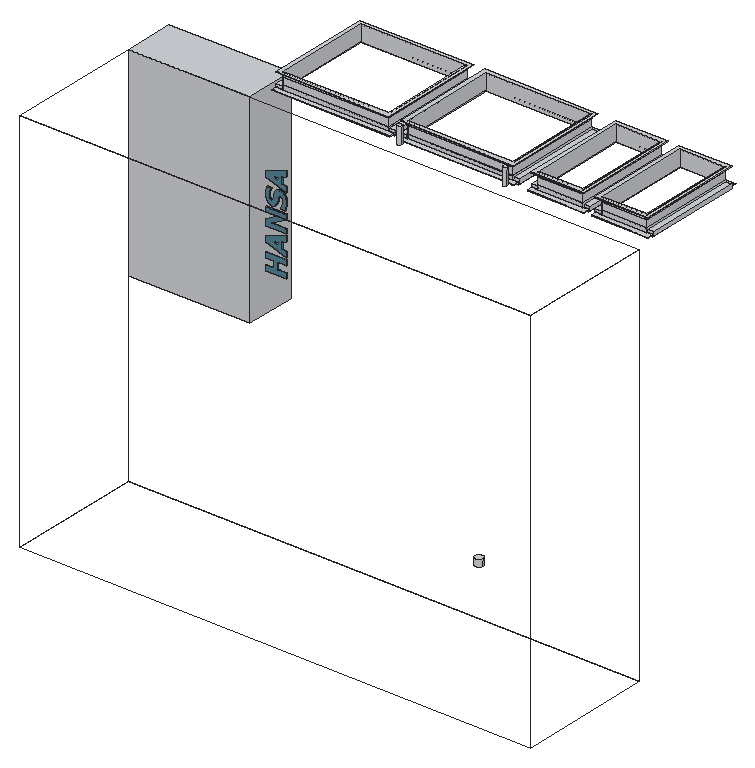
Revit family "KL-P-015-G-R", category HLS-Bauteile, Revit 2020
Family settings
  Bemaßung runder Anschluss = Durchmesser verwenden
  Klassifizierung = Keine
  Teiletyp = Normal
  Arbeitsebenenbasiert = Nein
  Immer vertikal = Ja
  Beim Laden mit Abzugskörper schneiden = Nein
  Gemeinsam genutzt = Nein
  Raumberechnungspunkt = Nein
Parameters
  Zuluftbreite [instance] = 520 mm  # constant formula
  Vorgabe-Ansicht = 0 mm
  TyS [instance] = size_lookup("TyS_Hansa_KL_P", "", "ND", RLT_Serie, Gehaeuserichtung, Gehaeuseausfuehrung, RLT_MSR_KZ)  # "KL-P-015-G-R-eCS"
  Schaltschrankbreite [instance] = 600 mm
  Schaltschrank_montiert [instance] = yes
  SSaG [instance] = and(or(Regelung SAIA, Regelung OJ), Schaltschrank_montiert)  # yes
  Regelung SAIA [instance] = yes
  Regelung OJ [instance] = no
  RLT_Volumenstrom_max = 1500 m³/h  # constant formula
  RLT_Volumenstrom_Unit_2 [instance] = 1500 m³/h
  RLT_Volumenstrom_Unit_1 [instance] = 1500 m³/h
  RLT_Typenschlüssel [instance] = TyS  # "KL-P-015-G-R-eCS"
  RLT_Serie = "KL-P-015"  # constant formula
  RLT_Material_außen [instance] = Stahlblech verzinkt + RAL 9002
  RLT_MSR_KZ [instance] = if(Regelung SAIA, "eCS", if(Regelung OJ, "eCO", "-"))  # "eCS"
  RLT_Länge [instance] = L  # 1920 mm
  RLT_Höhe = H  # 1790 mm
  RLT_Gewicht [instance] = size_lookup("TD_Hansa_KL_P", "Gewicht", 0 mm, TyS) / 1 mm * 1.00 kg  # 579.00 kg
  RLT_Breite = B  # 670 mm
  Modell = "KL-P-015-G-R"  # constant formula
  L2 = 660 mm  # constant formula
  L1 = 1260 mm  # constant formula
  L = L1 + L2  # 1920 mm
  Kanaltiefe [instance] = RLT_Breite - 190 mm  # 480 mm
  Hersteller = "Hansa"  # constant formula
  H = 1790 mm  # constant formula
  GeräteOK [instance] = H + Fuß  # 1910 mm
  Gehaeuserichtung [instance] = "R"  # constant formula
  Gehaeuseausfuehrung [instance] = "geteilt"  # constant formula
  GD_Spannung [instance] = 230 V
  GD_Phasen [instance] = 1
  GD_Nennstrom [instance] = 0 A
  GD_Anschlussleistung [instance] = 0 W
  Fuß [instance] = 120 mm  # constant formula
  Fortluftbreite = 220 mm  # constant formula
  Bedienzone [instance] = yes
  Baugruppe [instance] = "RLT-Gerät"  # constant formula
  BZl [instance] = if(and(or(Regelung SAIA, Regelung OJ), Schaltschrank_montiert), L + Schaltschrankbreite, L)  # 2520 mm
  B = 670 mm  # constant formula
  Außenluftbreite = 220 mm  # constant formula
  Abluftbreite [instance] = 520 mm  # constant formula
Reference planes
  plane 1 "Mitte (Vorne/hinten)": y = 0
  plane 2: z = 0
  plane 3 "Mitte (Links/rechts)": x = 0
  plane 4: x = -960
  plane 5: x = 960
  plane 6 "GV": y = -335
  plane 7 "GH": y = 335
  plane 8 "OKG": z = 1910
  plane 9: y = 272.5
  plane 10: y = -312.5
  plane 11: x = -897.5
  plane 12: x = 897.5
  plane 13: x = -377.5
  plane 14: x = -282.5
  plane 15: x = 237.5
  plane 16: x = 677.5
  plane 17: x = 582.5
  plane 18: x = 362.5
  plane 19: z = 1990
  plane 20 "UKG": z = 120
  plane 21: y = -85
  plane 22: y = -125
  plane 23: z = 90
  plane 24: y = -259
  plane 25: x = 300
  plane 26: y = -1005
  plane 27: x = -1560
Forms (mm)
  Extrusion 1, solid, visible <- "SSaG"
    sketch origin (-61.559, 0, -70) x (1, 0, 0) y (0, 0, 1)
      loop
        line (-1498.441, 1980) -> (-1498.441, 980) -> (-898.441, 980) -> (-898.441, 1980) -> (-1498.441, 1980)
    from 335 to 85
  Extrusion 2, solid
    sketch origin (0, 0, 0) x (1, 0, 0) y (0, 1, 0)
      loop
        circle (0, -125) r 20
    from 120 to 90
  Extrusion 3, solid, material "Glas - klar", visible <- "Bedienzone"
    sketch origin (-600, 0, 0) x (1, 0, 0) y (0, 1, 0)
      loop
        line (-960, -335) -> (-960, -1005) -> (1560, -1005) -> (1560, -335) -> (-960, -335)
    from 1910 to 0
  Extrusion 4, solid
    sketch origin (0, 0, 0) x (1, 0, 0) y (0, 1, 0)
      loop
        circle (-282.5, -259) r 10
    from 1990 to 1910
  Extrusion 5, solid
    sketch origin (0, 0, 0) x (1, 0, 0) y (0, 1, 0)
      loop
        circle (237.5, -259) r 10
    from 1990 to 1910
Dimensions and locks
  equal spacing: plane 4, plane 3 "Mitte (Links/rechts)", plane 5
  "L": plane 4 to plane 5
  "B": plane 7 "GH" to plane 6 "GV"
  locked: plane 7 "GH" to plane 9 at 62.5
  locked: plane 4 to plane 11 at 62.5
  locked: plane 12 to plane 5 at 62.5
  "Abluftbreite": plane 11 to plane 13
  locked: plane 13 to plane 14 at 95
  "Zuluftbreite": plane 14 to plane 15
  "Fortluftbreite": plane 16 to plane 12
  locked: plane 17 to plane 16 at 95
  "Außenluftbreite": plane 18 to plane 17
  plane 15 to plane 18 = 125 mm
  locked: nested 3 to plane 16 at 95
  "Fuß": plane 20 "UKG" to level
  plane 19 to plane 8 "OKG" = 80 mm
  locked: plane 4 to nested 1 at 62.5
  locked: plane 13 to nested 2 at 95
  locked: nested 4 to plane 5 at 62.5
  plane 5 to Extrusion 1 = 1920 mm
  "RLT_Höhe": plane 8 "OKG" to plane 20 "UKG"
  equal spacing: plane 7 "GH", plane 1 "Mitte (Vorne/hinten)", plane 6 "GV"
  locked: plane 6 "GV" to plane 21 at 250
  locked: plane 6 "GV" to plane 22 at 210
  plane 20 "UKG" to plane 23 = 30 mm
  locked: plane 24 to plane 6 "GV" at 76
  "L1": plane 4 to plane 25
  "B": plane 26 to plane 6 "GV"
  "BZl": Extrusion 3 to Extrusion 3
  "Schaltschrankbreite": plane 27 to plane 4
  plane 18 to plane 15 = 125 mm
  aligned and locked: level to plane 2
  aligned and locked: plane 8 "OKG" to Extrusion 1
  aligned and locked: Extrusion 1 to plane 6 "GV"
  aligned and locked: plane 21 to Extrusion 1
  aligned and locked: plane 20 "UKG" to Extrusion 2
  aligned and locked: Extrusion 2 to plane 23
  aligned and locked: Extrusion 3 to plane 6 "GV"
  aligned and locked: Extrusion 3 to plane 26
  aligned and locked: plane 8 "OKG" to Extrusion 3
  aligned and locked: Extrusion 1 to plane 4
  aligned and locked: plane 19 to Extrusion 4
  aligned and locked: Extrusion 4 to plane 8 "OKG"
  aligned and locked: plane 19 to Extrusion 5
  aligned and locked: Extrusion 1 to Extrusion 3
  aligned and locked: plane 7 "GH" to nested 6
  aligned and locked: plane 4 to nested 6
Automatic sketch dimensions
  Extrusion 1 sketch curve to plane 5 = 2520 mm
  Extrusion 1 sketch curve to plane 8 "OKG" = 0 mm
  Extrusion 1 sketch curve to plane 5 = 1920 mm
  plane 20 "UKG" to Extrusion 1 sketch curve = 790 mm
  Extrusion 2 sketch curve to plane 3 "Mitte (Links/rechts)" = 0 mm
  Extrusion 2 sketch curve to plane 22 = 0 mm
  plane 4 to Extrusion 3 sketch curve = 600 mm
  Extrusion 3 sketch curve to plane 5 = 0 mm
  Extrusion 3 sketch curve to plane 26 = 0 mm
  plane 6 "GV" to Extrusion 3 sketch curve = 0 mm
  Extrusion 4 sketch curve to plane 14 = 0 mm
  Extrusion 4 sketch curve to plane 24 = 0 mm
  Extrusion 5 sketch curve to plane 15 = 0 mm
  Extrusion 5 sketch curve to plane 24 = 0 mm
  radius of Extrusion 2 sketch curve = 20 mm
  radius of Extrusion 4 sketch curve = 10 mm
  radius of Extrusion 5 sketch curve = 10 mm
Nested families
  nested 1: "Kanalstutzen" at (-637.5, 29.209, 1910) x (1, 0, 0) z (0, -1, 0), 2570_EST_Breite <- "Abluftbreite", 2571_EST_Höhe <- "Kanaltiefe", built-in parameter 1001360 <- "GeräteOK", type "Kanalstutzen"
    with Tiefe 80 mm, RahmenG2 20 mm, RahmenG1 30 mm, Höhe 480 mm, Breite 520 mm, 2572_EST_Tiefe 80 mm, 2571_EST_Höhe 480 mm, 2570_EST_Breite 520 mm, 1966_EST_Rahmentyp ""
  nested 2: "Kanalstutzen" at (-22.5, 29.209, 1910) x (1, 0, 0) z (0, -1, 0), 2570_EST_Breite <- "Zuluftbreite", 2571_EST_Höhe <- "Kanaltiefe", built-in parameter 1001360 <- "GeräteOK", type "Kanalstutzen"
    with Tiefe 80 mm, RahmenG2 20 mm, RahmenG1 30 mm, Höhe 480 mm, Breite 520 mm, 2572_EST_Tiefe 80 mm, 2571_EST_Höhe 480 mm, 2570_EST_Breite 520 mm, 1966_EST_Rahmentyp ""
  nested 3: "Kanalstutzen" at (472.5, 29.209, 1910) x (1, 0, 0) z (0, -1, 0), 2570_EST_Breite <- "Außenluftbreite", 2571_EST_Höhe <- "Kanaltiefe", built-in parameter 1001360 <- "GeräteOK", type "Kanalstutzen"
    with Tiefe 80 mm, RahmenG2 20 mm, RahmenG1 30 mm, Höhe 480 mm, Breite 220 mm, 2572_EST_Tiefe 80 mm, 2571_EST_Höhe 480 mm, 2570_EST_Breite 220 mm, 1966_EST_Rahmentyp ""
  nested 4: "Kanalstutzen" at (787.5, 29.209, 1910) x (1, 0, 0) z (0, -1, 0), 2570_EST_Breite <- "Fortluftbreite", 2571_EST_Höhe <- "Kanaltiefe", built-in parameter 1001360 <- "GeräteOK", type "Kanalstutzen"
    with Tiefe 80 mm, RahmenG2 20 mm, RahmenG1 30 mm, Höhe 480 mm, Breite 220 mm, 2572_EST_Tiefe 80 mm, 2571_EST_Höhe 480 mm, 2570_EST_Breite 220 mm, 1966_EST_Rahmentyp ""
  nested 5: "Hansa_Aufkleber_klein" at (-780, -335, 1390) x (0, 0, 1) z (0, -1, 0), type "Hansa_Aufkleber_klein"
  nested 6: "P-015-G-R_ipt" at (0, 0, 0), type "Norm"
Connectors
  hvac at (-637.5, 29.209, 1989), driven by "RLT_Volumenstrom_Unit_2", driven by "Abluftbreite", driven by "Kanaltiefe"
    settings: on nested 1, index 1, duct flow 1500 m³/h, flow factor 0, pres drop 0.0 Pa, loss coef 0, conn angle 0.00°, conn width 520 mm, conn height 480 mm, conn diameter 609.6 mm, duct sys type 2, conn prof type 1, flow config 0, flow direction 1, loss method 0, conn ref index -1, conn util no, is conn primary yes, conn desc ""
  hvac at (-22.5, 29.209, 1989), driven by "RLT_Volumenstrom_Unit_1", driven by "Zuluftbreite", driven by "Kanaltiefe"
    settings: on nested 2, index 2, duct flow 1500 m³/h, flow factor 0, pres drop 0.0 Pa, loss coef 0, conn angle 0.00°, conn width 520 mm, conn height 480 mm, conn diameter 609.6 mm, duct sys type 1, conn prof type 1, flow config 0, flow direction 2, loss method 0, conn ref index -1, conn util no, is conn primary no, conn desc ""
  hvac at (472.5, 29.209, 1989), driven by "RLT_Volumenstrom_Unit_1", driven by "Außenluftbreite", driven by "Kanaltiefe"
    settings: on nested 3, index 3, duct flow 1500 m³/h, flow factor 0, pres drop 0.0 Pa, loss coef 0, conn angle 0.00°, conn width 220 mm, conn height 480 mm, conn diameter 609.6 mm, duct sys type 1, conn prof type 1, flow config 0, flow direction 1, loss method 0, conn ref index -1, conn util no, is conn primary no, conn desc ""
  hvac at (787.5, 29.209, 1989), driven by "RLT_Volumenstrom_Unit_2", driven by "Fortluftbreite", driven by "Kanaltiefe"
    settings: on nested 4, index 4, duct flow 1500 m³/h, flow factor 0, pres drop 0.0 Pa, loss coef 0, conn angle 0.00°, conn width 220 mm, conn height 480 mm, conn diameter 609.6 mm, duct sys type 3, conn prof type 1, flow config 1, flow direction 2, loss method 0, conn ref index -1, conn util no, is conn primary no, conn desc ""
  piping at (0, -125, 90), diameter 40
    settings: on Extrusion 2, index 5, connector inside diameter 609.6 mm, connector length 0 mm, flow factor 0, pipe flow 0.0 L/s, pressure drop 0.0 Pa, fitting loss kfactor 0, connector angle 0.00°, fixture units 0, engagement length 0 mm, angle of deflection 0.00°, flow configuration 0, flow direction 2, fitting loss method 0, system type 16, joint type 0, gender type 0, connector reference index -1, connector utility 0, adjustable connector no, is connector primary yes, connector description ""
  piping at (-282.5, -259, 1990), diameter 20
    settings: on Extrusion 4, index 6, connector inside diameter 609.6 mm, connector length 0 mm, flow factor 0, pipe flow 0.0 L/s, pressure drop 0.0 Pa, fitting loss kfactor 0, connector angle 0.00°, fixture units 0, engagement length 0 mm, angle of deflection 0.00°, flow configuration 0, flow direction 0, fitting loss method 0, system type 19, joint type 0, gender type 0, connector reference index -1, connector utility 0, adjustable connector no, is connector primary no, connector description ""
  piping at (237.5, -259, 1990), diameter 20
    settings: on Extrusion 5, index 7, connector inside diameter 609.6 mm, connector length 0 mm, flow factor 0, pipe flow 0.0 L/s, pressure drop 0.0 Pa, fitting loss kfactor 0, connector angle 0.00°, fixture units 0, engagement length 0 mm, angle of deflection 0.00°, flow configuration 0, flow direction 0, fitting loss method 0, system type 19, joint type 0, gender type 0, connector reference index -1, connector utility 0, adjustable connector no, is connector primary no, connector description ""
Definition of nested family "Kanalstutzen"
  Parameters (values of type "Kanalstutzen")
    Default Elevation = 0 mm
    Tiefe [instance] = [2572_EST_Tiefe]  # 80 mm
    RahmenG2 [instance] = 20 mm
    RahmenG1 [instance] = 30 mm
    Höhe [instance] = [2571_EST_Höhe]  # 500 mm
    Manufacturer = "Hansa"
    Breite [instance] = [2570_EST_Breite]  # 1000 mm
    Description = "Durchbruchsverkleidung"
    2572_EST_Tiefe [instance] = 80 mm
    2571_EST_Höhe [instance] = 500 mm
    2570_EST_Breite [instance] = 1000 mm
    1966_EST_Rahmentyp [instance] = ""
  Reference planes
    plane 1 "Mitte (Vorne/hinten)": y = 0
    plane 2: z = 0
    plane 3 "Mitte (Links/rechts)": x = 0
    plane 4: x = -500
    plane 5: x = 500
    plane 6 "hinten": y = 80
    plane 7: z = 250
    plane 8: z = -250
    plane 9 "R1links": x = -530
    plane 10 "R1rechts": x = 530
    plane 11 "R2links": x = -520
    plane 12 "R2rechts": x = 520
    plane 13 "R1oben": z = 280
    plane 14 "R1unten": z = -280
    plane 15: z = -270
    plane 16: z = 270
  Forms (mm)
    Sweep 1, solid
      path origin (0, 0, 0) x (1, 0, 0) y (0, 0, 1)
        loop
          line (-500, 250) -> (-500, -250) -> (500, -250) -> (500, 250) -> (-500, 250)
      profile origin (0, 0, 250) x (0, 0, 1) y (0, -1, 0)
        loop
          line (0, -40) -> (0, -80) -> (20, -80) -> (20, -79) -> (1.999, -79) -> (1.999, -59) -> (0.962, -59) -> (0.962, -21.406) -> (1.999, -21.406) -> (1.999, -1.406) -> (30, -1.406) -> (30, 0) -> (0, 0) -> (0, -40)
  Dimensions and locks
    equal spacing: plane 4, plane 3 "Mitte (Links/rechts)", plane 5
    "Breite": plane 4 to plane 5
    equal spacing: plane 7, level, plane 8
    "Höhe": plane 7 to plane 8
    "RahmenG1": plane 9 "R1links" to plane 4
    "RahmenG1": plane 5 to plane 10 "R1rechts"
    "RahmenG2": plane 11 "R2links" to plane 4
    "RahmenG2": plane 5 to plane 12 "R2rechts"
    "RahmenG1": plane 13 "R1oben" to plane 7
    "RahmenG1": plane 8 to plane 14 "R1unten"
    "RahmenG2": plane 16 to plane 7
    "RahmenG2": plane 8 to plane 15
    Sweep 1 sketch curve to Sweep 1 sketch curve = 1.406 mm
    Sweep 1 sketch curve to Sweep 1 sketch curve = 1 mm
    Sweep 1 sketch curve to Sweep 1 sketch curve = 0.962 mm
    "2572_EST_Tiefe": plane 6 "hinten" to plane 1 "Mitte (Vorne/hinten)"
    aligned and locked: level to plane 2
    aligned and locked: plane 16 to Sweep 1 sketch curve
    aligned and locked: plane 13 "R1oben" to Sweep 1 sketch curve
    aligned and locked: plane 1 "Mitte (Vorne/hinten)" to Sweep 1
    aligned and locked: plane 1 "Mitte (Vorne/hinten)" to nested 1
    aligned and locked: nested 1 to plane 10 "R1rechts"
    aligned and locked: nested 2 to plane 9 "R1links"
    aligned and locked: plane 8 to nested 2
    aligned and locked: nested 1 to plane 8
  Automatic sketch dimensions
    plane 4 to Sweep 1 sketch curve = 0 mm
    plane 5 to Sweep 1 sketch curve = 0 mm
    Sweep 1 sketch curve to plane 8 = 0 mm
    Sweep 1 sketch curve to plane 7 = 0 mm
    Sweep 1 sketch curve to plane 1 "Mitte (Vorne/hinten)" = 0 mm
    profile plane to Sweep 1 sketch curve = 0 mm
    Sweep 1 sketch curve to profile plane = 1.999 mm  (x2)
    Sweep 1 sketch curve to Sweep 1 sketch curve = 20 mm  (x2)
    Sweep 1 sketch curve to Sweep 1 sketch curve = 18.594 mm
    Sweep 1 sketch curve to Sweep 1 sketch curve = 19 mm
  Nested families
    nested 1: "EGJK30" at (520, 0, -250), L <- "Höhe", type "EGJK30"
      with L 500 mm
    nested 2: "EGJK30" at (-520, 0, -250) x (-1, 0, 0) z (0, 0, 1), L <- "Höhe", type "EGJK30"
      with L 500 mm
  Definition of nested family "EGJK30"
    Parameters (values of type "EGJK30")
      Default Elevation = 0 mm
      L [instance] = 1000 mm
    Reference planes
      plane 1 "Mitte (Vorne/hinten)": y = 0
      plane 2: z = 0
      plane 3 "Mitte (Links/rechts)": x = 0
    Forms (mm)
      Extrusion 1, solid
        sketch origin (16.67, -35.46, 0) x (1, 0, 0) y (0, 1, 0)
          loop
            line (-26.67, 25.46) -> (-6.67, 25.46) -> (-6.67, 30.46) -> (-1.67, 30.46) -> (-1.67, 50.46) -> (-34.67, 50.46) -> (-34.67, 38.46) -> (-5.67, 38.46) -> (-5.67, 35.46) -> (-25.67, 35.46) -> (-25.67, 36.96) -> (-34.67, 36.96) -> (-34.67, 33.96) -> (-26.67, 25.46)
        from 0 to 1000
    Dimensions and locks
      "L": Extrusion 1 to Extrusion 1
      aligned and locked: level to plane 2
    Automatic sketch dimensions
      plane 1 "Mitte (Vorne/hinten)" to Extrusion 1 sketch curve = 0 mm
      Extrusion 1 sketch curve to plane 3 "Mitte (Links/rechts)" = 18 mm
      plane 1 "Mitte (Vorne/hinten)" to Extrusion 1 sketch curve = 1.5 mm
      Extrusion 1 sketch curve to Extrusion 1 sketch curve = 0 mm
      Extrusion 1 sketch curve to plane 3 "Mitte (Links/rechts)" = 10 mm
      Extrusion 1 sketch curve to plane 3 "Mitte (Links/rechts)" = 9 mm
      plane 1 "Mitte (Vorne/hinten)" to Extrusion 1 sketch curve = 5 mm
      plane 3 "Mitte (Links/rechts)" to Extrusion 1 sketch curve = 10 mm
      Extrusion 1 sketch curve to Extrusion 1 sketch curve = 1 mm
      Extrusion 1 sketch curve to Extrusion 1 sketch curve = 5 mm
      plane 1 "Mitte (Vorne/hinten)" to Extrusion 1 sketch curve = 10 mm
      Extrusion 1 sketch curve to plane 1 "Mitte (Vorne/hinten)" = 1.5 mm
      Extrusion 1 sketch curve to Extrusion 1 sketch curve = 1.5 mm
      Extrusion 1 sketch curve to Extrusion 1 sketch curve = 12 mm
Definition of nested family "Hansa_Aufkleber_klein"
  Parameters (values of type "Hansa_Aufkleber_klein")
    Default Elevation = 1219.2 mm
  Reference planes
    plane 1 "Mitte (Vorne/hinten)": y = 0
    plane 2: z = 0
    plane 3 "Mitte (Links/rechts)": x = 0
  Forms (mm)
    Extrusion 1, solid, detail levels medium+fine
      sketch origin (6.994, -10.767, 0) x (1, 0, 0) y (0, 1, 0)
        loop
          line (-226.694, 10.767) -> (-201.573, 10.767) -> (-201.573, 55.095) -> (-167.456, 55.095) -> (-167.456, 10.767) -> (-142.335, 10.767) -> (-142.335, 110.767) -> (-167.456, 110.767) -> (-167.456, 74.138) -> (-201.573, 74.138) -> (-201.573, 110.767) -> (-226.694, 110.767) -> (-226.694, 10.767)
        loop
          line (202.074, 82.404) -> (191.782, 49.341) -> (212.284, 49.341) -> (202.074, 82.404)
        loop
          line (188.703, 110.767) -> (154.91, 10.767) -> (180.032, 10.767) -> (186.353, 31.189) -> (217.795, 31.189) -> (224.035, 10.767) -> (249.886, 10.767) -> (216.093, 110.767) -> (188.703, 110.767)
        loop
          line (34.084, 10.767) -> (58.233, 10.767) -> (58.233, 110.767) -> (35.299, 110.767) -> (35.299, 53.474) -> (3.37, 110.767) -> (-27.424, 110.767) -> (-27.424, 10.767) -> (-4.49, 10.767) -> (-4.49, 80.459) -> (34.084, 10.767)
        loop
          line (-85.203, 82.404) -> (-95.495, 49.341) -> (-74.993, 49.341) -> (-85.203, 82.404)
        loop
          line (-98.575, 110.767) -> (-132.367, 10.767) -> (-107.245, 10.767) -> (-100.925, 31.189) -> (-69.482, 31.189) -> (-63.242, 10.767) -> (-37.391, 10.767) -> (-71.184, 110.767) -> (-98.575, 110.767)
        loop
          line (73.143, 16.683) -> (80.903, 13.695) -> (89.27, 11.213) -> (93.783, 10.238) -> (98.65, 9.542) -> (103.872, 9.124) -> (109.448, 8.984) -> (114.303, 9.126) -> (118.902, 9.552) -> (123.243, 10.261) -> (127.327, 11.253) -> (131.154, 12.53) -> (134.724, 14.09) -> (138.037, 15.933) -> (141.093, 18.061) -> (143.838, 20.421) -> (146.216, 22.963) -> (148.229, 25.688) -> (149.876, 28.595) -> (151.156, 31.685) -> (152.071, 34.957) -> (152.62, 38.411) -> (152.803, 42.048) -> (152.724, 44.578) -> (152.487, 46.981) -> (152.091, 49.257) -> (151.537, 51.407) -> (150.825, 53.431) -> (149.954, 55.328) -> (148.925, 57.098) -> (147.738, 58.741) -> (144.874, 61.745) -> (141.346, 64.434) -> (137.155, 66.81) -> (132.301, 68.871) -> (127.124, 70.542) -> (122.293, 71.829) -> (112.609, 74.057) -> (109.035, 74.977) -> (106.095, 75.952) -> (103.788, 76.982) -> (102.114, 78.069) -> (100.927, 79.287) -> (100.078, 80.713) -> (99.569, 82.346) -> (99.4, 84.187) -> (99.506, 85.453) -> (99.825, 86.659) -> (100.357, 87.803) -> (101.101, 88.887) -> (102.965, 90.731) -> (105.153, 92.048) -> (107.99, 93.142) -> (110.664, 93.83) -> (113.439, 94.195) -> (116.579, 94.317) -> (120.768, 94.112) -> (124.906, 93.496) -> (128.993, 92.471) -> (133.03, 91.035) -> (136.889, 89.3) -> (140.445, 87.378) -> (143.697, 85.268) -> (146.644, 82.971) -> (148.832, 82.971) -> (148.832, 105.824) -> (145.231, 107.285) -> (141.397, 108.589) -> (137.33, 109.737) -> (133.03, 110.727) -> (128.608, 111.524) -> (124.177, 112.094) -> (119.735, 112.436) -> (115.283, 112.55) -> (110.919, 112.414) -> (106.741, 112.006) -> (102.749, 111.325) -> (98.944, 110.372) -> (95.324, 109.147) -> (91.891, 107.65) -> (88.644, 105.88) -> (85.583, 103.839) -> (82.8, 101.578) -> (80.389, 99.151) -> (78.348, 96.559) -> (76.679, 93.8) -> (75.38, 90.876) -> (74.453, 87.786) -> (73.896, 84.53) -> (73.711, 81.108) -> (74.025, 76.136) -> (74.967, 71.596) -> (76.537, 67.486) -> (78.735, 63.806) -> (80.094, 62.119) -> (81.657, 60.522) -> (83.426, 59.014) -> (85.4, 57.597) -> (87.58, 56.269) -> (89.964, 55.031) -> (92.553, 53.884) -> (95.348, 52.826) -> (100.625, 51.195) -> (106.247, 49.868) -> (111.869, 48.642) -> (117.147, 47.315) -> (119.104, 46.707) -> (120.925, 45.937) -> (122.609, 45.006) -> (124.156, 43.912) -> (125.451, 42.645) -> (126.375, 41.197) -> (126.929, 39.566) -> (127.114, 37.753) -> (127, 36.17) -> (126.658, 34.744) -> (126.089, 33.475) -> (125.291, 32.364) -> (123.275, 30.53) -> (120.874, 29.163) -> (118.413, 28.312) -> (115.242, 27.704) -> (112.052, 27.339) -> (109.529, 27.218) -> (105.242, 27.433) -> (100.889, 28.079) -> (96.47, 29.155) -> (91.985, 30.662) -> (87.561, 32.569) -> (83.324, 34.845) -> (79.274, 37.492) -> (75.413, 40.508) -> (73.143, 40.508) -> (73.143, 16.683)
      from 0 to 2
  Dimensions and locks
    aligned and locked: level to plane 2
Definition of nested family "P-015-G-R_ipt"
  Parameters (values of type "Norm")
    Default Elevation = 0 mm
  Reference planes
    plane 1 "Mitte (Vorne/Hinten)": y = 0
    plane 2: z = 0
    plane 3 "Mitte (Links/Rechts)": x = 0
  Dimensions and locks
    aligned and locked: level to plane 2
